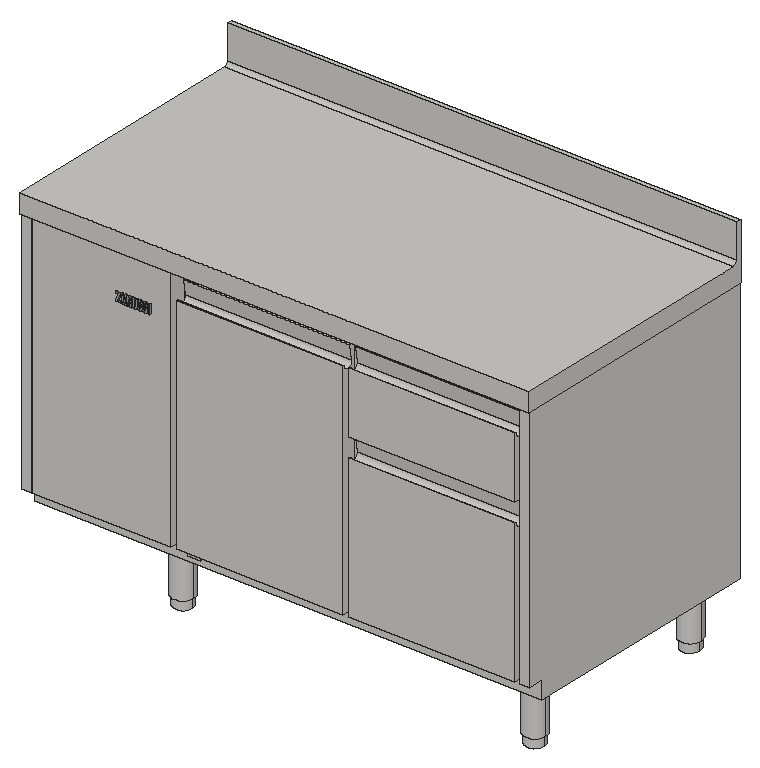
Revit family "QF_ZANUSSI_111030_ZH2H3AD", category Specialty Equipment, Revit 2018 (continued)
Definition of nested family "ZAN_Cooling Unit"
  Lines and regions (mm)
    Split face 123
      outline origin (55.016, 2, -221.122) x (0, 0, 1) y (-1, 0, 0)
        loop
          arc (510.649, 158.547) -> (506.648, 162.548) -> (502.647, 158.547) r 4.001
          line (502.647, 158.547) -> (502.647, 116.535)
          arc (502.647, 116.535) -> (506.648, 112.533) -> (510.649, 116.535) r 4.001
          line (510.649, 116.535) -> (510.649, 158.547)
    Split face 124
      outline origin (55.016, 2, -233.126) x (0, 0, 1) y (-1, 0, 0)
        loop
          arc (510.649, 158.547) -> (506.648, 162.548) -> (502.647, 158.547) r 4.001
          line (502.647, 158.547) -> (502.647, 116.535)
          arc (502.647, 116.535) -> (506.648, 112.533) -> (510.649, 116.535) r 4.001
          line (510.649, 116.535) -> (510.649, 158.547)
    Split face 125
      outline origin (55.016, 2, -245.129) x (0, 0, 1) y (-1, 0, 0)
        loop
          arc (510.649, 158.547) -> (506.648, 162.548) -> (502.647, 158.547) r 4.001
          line (502.647, 158.547) -> (502.647, 116.535)
          arc (502.647, 116.535) -> (506.648, 112.533) -> (510.649, 116.535) r 4.001
          line (510.649, 116.535) -> (510.649, 158.547)
    Split face 126
      outline origin (55.016, 2, -257.133) x (0, 0, 1) y (-1, 0, 0)
        loop
          arc (510.649, 158.547) -> (506.648, 162.548) -> (502.647, 158.547) r 4.001
          line (502.647, 158.547) -> (502.647, 116.535)
          arc (502.647, 116.535) -> (506.648, 112.533) -> (510.649, 116.535) r 4.001
          line (510.649, 116.535) -> (510.649, 158.547)
    Split face 127
      outline origin (55.016, 2, -269.136) x (0, 0, 1) y (-1, 0, 0)
        loop
          arc (510.649, 158.547) -> (506.648, 162.548) -> (502.647, 158.547) r 4.001
          line (502.647, 158.547) -> (502.647, 116.535)
          arc (502.647, 116.535) -> (506.648, 112.533) -> (510.649, 116.535) r 4.001
          line (510.649, 116.535) -> (510.649, 158.547)
    Split face 128
      outline origin (55.016, 2, -281.14) x (0, 0, 1) y (-1, 0, 0)
        loop
          arc (510.649, 158.547) -> (506.648, 162.548) -> (502.647, 158.547) r 4.001
          line (502.647, 158.547) -> (502.647, 116.535)
          arc (502.647, 116.535) -> (506.648, 112.533) -> (510.649, 116.535) r 4.001
          line (510.649, 116.535) -> (510.649, 158.547)
    Split face 129
      outline origin (55.016, 2, -293.144) x (0, 0, 1) y (-1, 0, 0)
        loop
          arc (510.649, 158.547) -> (506.648, 162.548) -> (502.647, 158.547) r 4.001
          line (502.647, 158.547) -> (502.647, 116.535)
          arc (502.647, 116.535) -> (506.648, 112.533) -> (510.649, 116.535) r 4.001
          line (510.649, 116.535) -> (510.649, 158.547)
    Split face 130
      outline origin (110.032, 2, -113.091) x (0, 0, 1) y (-1, 0, 0)
        loop
          arc (510.649, 158.547) -> (506.648, 162.548) -> (502.647, 158.547) r 4.001
          line (502.647, 158.547) -> (502.647, 116.535)
          arc (502.647, 116.535) -> (506.648, 112.533) -> (510.649, 116.535) r 4.001
          line (510.649, 116.535) -> (510.649, 158.547)
    Split face 131
      outline origin (110.032, 2, -125.094) x (0, 0, 1) y (-1, 0, 0)
        loop
          arc (510.649, 158.547) -> (506.648, 162.548) -> (502.647, 158.547) r 4.001
          line (502.647, 158.547) -> (502.647, 116.535)
          arc (502.647, 116.535) -> (506.648, 112.533) -> (510.649, 116.535) r 4.001
          line (510.649, 116.535) -> (510.649, 158.547)
    Split face 132
      outline origin (110.032, 2, -137.098) x (0, 0, 1) y (-1, 0, 0)
        loop
          arc (510.649, 158.547) -> (506.648, 162.548) -> (502.647, 158.547) r 4.001
          line (502.647, 158.547) -> (502.647, 116.535)
          arc (502.647, 116.535) -> (506.648, 112.533) -> (510.649, 116.535) r 4.001
          line (510.649, 116.535) -> (510.649, 158.547)
    Split face 133
      outline origin (110.032, 2, -149.101) x (0, 0, 1) y (-1, 0, 0)
        loop
          arc (510.649, 158.547) -> (506.648, 162.548) -> (502.647, 158.547) r 4.001
          line (502.647, 158.547) -> (502.647, 116.535)
          arc (502.647, 116.535) -> (506.648, 112.533) -> (510.649, 116.535) r 4.001
          line (510.649, 116.535) -> (510.649, 158.547)
    Split face 134
      outline origin (110.032, 2, -161.105) x (0, 0, 1) y (-1, 0, 0)
        loop
          arc (510.649, 158.547) -> (506.648, 162.548) -> (502.647, 158.547) r 4.001
          line (502.647, 158.547) -> (502.647, 116.535)
          arc (502.647, 116.535) -> (506.648, 112.533) -> (510.649, 116.535) r 4.001
          line (510.649, 116.535) -> (510.649, 158.547)
    Split face 135
      outline origin (110.032, 2, -173.108) x (0, 0, 1) y (-1, 0, 0)
        loop
          arc (510.649, 158.547) -> (506.648, 162.548) -> (502.647, 158.547) r 4.001
          line (502.647, 158.547) -> (502.647, 116.535)
          arc (502.647, 116.535) -> (506.648, 112.533) -> (510.649, 116.535) r 4.001
          line (510.649, 116.535) -> (510.649, 158.547)
    Split face 136
      outline origin (110.032, 2, -185.112) x (0, 0, 1) y (-1, 0, 0)
        loop
          arc (510.649, 158.547) -> (506.648, 162.548) -> (502.647, 158.547) r 4.001
          line (502.647, 158.547) -> (502.647, 116.535)
          arc (502.647, 116.535) -> (506.648, 112.533) -> (510.649, 116.535) r 4.001
          line (510.649, 116.535) -> (510.649, 158.547)
    Split face 137
      outline origin (110.032, 2, -197.115) x (0, 0, 1) y (-1, 0, 0)
        loop
          arc (510.649, 158.547) -> (506.648, 162.548) -> (502.647, 158.547) r 4.001
          line (502.647, 158.547) -> (502.647, 116.535)
          arc (502.647, 116.535) -> (506.648, 112.533) -> (510.649, 116.535) r 4.001
          line (510.649, 116.535) -> (510.649, 158.547)
    Split face 138
      outline origin (110.032, 2, -209.119) x (0, 0, 1) y (-1, 0, 0)
        loop
          arc (510.649, 158.547) -> (506.648, 162.548) -> (502.647, 158.547) r 4.001
          line (502.647, 158.547) -> (502.647, 116.535)
          arc (502.647, 116.535) -> (506.648, 112.533) -> (510.649, 116.535) r 4.001
          line (510.649, 116.535) -> (510.649, 158.547)
    Split face 139
      outline origin (110.032, 2, -221.122) x (0, 0, 1) y (-1, 0, 0)
        loop
          arc (510.649, 158.547) -> (506.648, 162.548) -> (502.647, 158.547) r 4.001
          line (502.647, 158.547) -> (502.647, 116.535)
          arc (502.647, 116.535) -> (506.648, 112.533) -> (510.649, 116.535) r 4.001
          line (510.649, 116.535) -> (510.649, 158.547)
    Split face 140
      outline origin (110.032, 2, -233.126) x (0, 0, 1) y (-1, 0, 0)
        loop
          arc (510.649, 158.547) -> (506.648, 162.548) -> (502.647, 158.547) r 4.001
          line (502.647, 158.547) -> (502.647, 116.535)
          arc (502.647, 116.535) -> (506.648, 112.533) -> (510.649, 116.535) r 4.001
          line (510.649, 116.535) -> (510.649, 158.547)
    Split face 141
      outline origin (110.032, 2, -245.129) x (0, 0, 1) y (-1, 0, 0)
        loop
          arc (510.649, 158.547) -> (506.648, 162.548) -> (502.647, 158.547) r 4.001
          line (502.647, 158.547) -> (502.647, 116.535)
          arc (502.647, 116.535) -> (506.648, 112.533) -> (510.649, 116.535) r 4.001
          line (510.649, 116.535) -> (510.649, 158.547)
    Split face 142
      outline origin (110.032, 2, -257.133) x (0, 0, 1) y (-1, 0, 0)
        loop
          arc (510.649, 158.547) -> (506.648, 162.548) -> (502.647, 158.547) r 4.001
          line (502.647, 158.547) -> (502.647, 116.535)
          arc (502.647, 116.535) -> (506.648, 112.533) -> (510.649, 116.535) r 4.001
          line (510.649, 116.535) -> (510.649, 158.547)
    Split face 143
      outline origin (110.032, 2, -269.136) x (0, 0, 1) y (-1, 0, 0)
        loop
          arc (510.649, 158.547) -> (506.648, 162.548) -> (502.647, 158.547) r 4.001
          line (502.647, 158.547) -> (502.647, 116.535)
          arc (502.647, 116.535) -> (506.648, 112.533) -> (510.649, 116.535) r 4.001
          line (510.649, 116.535) -> (510.649, 158.547)
    Split face 144
      outline origin (110.032, 2, -281.14) x (0, 0, 1) y (-1, 0, 0)
        loop
          arc (510.649, 158.547) -> (506.648, 162.548) -> (502.647, 158.547) r 4.001
          line (502.647, 158.547) -> (502.647, 116.535)
          arc (502.647, 116.535) -> (506.648, 112.533) -> (510.649, 116.535) r 4.001
          line (510.649, 116.535) -> (510.649, 158.547)
    Split face 145
      outline origin (110.032, 2, -293.144) x (0, 0, 1) y (-1, 0, 0)
        loop
          arc (510.649, 158.547) -> (506.648, 162.548) -> (502.647, 158.547) r 4.001
          line (502.647, 158.547) -> (502.647, 116.535)
          arc (502.647, 116.535) -> (506.648, 112.533) -> (510.649, 116.535) r 4.001
          line (510.649, 116.535) -> (510.649, 158.547)
    Split face 146
      outline origin (165.048, 2, -113.091) x (0, 0, 1) y (-1, 0, 0)
        loop
          arc (510.649, 158.547) -> (506.648, 162.548) -> (502.647, 158.547) r 4.001
          line (502.647, 158.547) -> (502.647, 116.535)
          arc (502.647, 116.535) -> (506.648, 112.533) -> (510.649, 116.535) r 4.001
          line (510.649, 116.535) -> (510.649, 158.547)
    Split face 147
      outline origin (165.048, 2, -125.094) x (0, 0, 1) y (-1, 0, 0)
        loop
          arc (510.649, 158.547) -> (506.648, 162.548) -> (502.647, 158.547) r 4.001
          line (502.647, 158.547) -> (502.647, 116.535)
          arc (502.647, 116.535) -> (506.648, 112.533) -> (510.649, 116.535) r 4.001
          line (510.649, 116.535) -> (510.649, 158.547)
    Split face 148
      outline origin (165.048, 2, -137.098) x (0, 0, 1) y (-1, 0, 0)
        loop
          arc (510.649, 158.547) -> (506.648, 162.548) -> (502.647, 158.547) r 4.001
          line (502.647, 158.547) -> (502.647, 116.535)
          arc (502.647, 116.535) -> (506.648, 112.533) -> (510.649, 116.535) r 4.001
          line (510.649, 116.535) -> (510.649, 158.547)
    Split face 149
      outline origin (165.048, 2, -149.101) x (0, 0, 1) y (-1, 0, 0)
        loop
          arc (510.649, 158.547) -> (506.648, 162.548) -> (502.647, 158.547) r 4.001
          line (502.647, 158.547) -> (502.647, 116.535)
          arc (502.647, 116.535) -> (506.648, 112.533) -> (510.649, 116.535) r 4.001
          line (510.649, 116.535) -> (510.649, 158.547)
    Split face 150
      outline origin (165.048, 2, -161.105) x (0, 0, 1) y (-1, 0, 0)
        loop
          arc (510.649, 158.547) -> (506.648, 162.548) -> (502.647, 158.547) r 4.001
          line (502.647, 158.547) -> (502.647, 116.535)
          arc (502.647, 116.535) -> (506.648, 112.533) -> (510.649, 116.535) r 4.001
          line (510.649, 116.535) -> (510.649, 158.547)
    Split face 151
      outline origin (165.048, 2, -173.108) x (0, 0, 1) y (-1, 0, 0)
        loop
          arc (510.649, 158.547) -> (506.648, 162.548) -> (502.647, 158.547) r 4.001
          line (502.647, 158.547) -> (502.647, 116.535)
          arc (502.647, 116.535) -> (506.648, 112.533) -> (510.649, 116.535) r 4.001
          line (510.649, 116.535) -> (510.649, 158.547)
    Split face 152
      outline origin (165.048, 2, -185.112) x (0, 0, 1) y (-1, 0, 0)
        loop
          arc (510.649, 158.547) -> (506.648, 162.548) -> (502.647, 158.547) r 4.001
          line (502.647, 158.547) -> (502.647, 116.535)
          arc (502.647, 116.535) -> (506.648, 112.533) -> (510.649, 116.535) r 4.001
          line (510.649, 116.535) -> (510.649, 158.547)
    Split face 153
      outline origin (165.048, 2, -197.115) x (0, 0, 1) y (-1, 0, 0)
        loop
          arc (510.649, 158.547) -> (506.648, 162.548) -> (502.647, 158.547) r 4.001
          line (502.647, 158.547) -> (502.647, 116.535)
          arc (502.647, 116.535) -> (506.648, 112.533) -> (510.649, 116.535) r 4.001
          line (510.649, 116.535) -> (510.649, 158.547)
    Split face 154
      outline origin (165.048, 2, -209.119) x (0, 0, 1) y (-1, 0, 0)
        loop
          arc (510.649, 158.547) -> (506.648, 162.548) -> (502.647, 158.547) r 4.001
          line (502.647, 158.547) -> (502.647, 116.535)
          arc (502.647, 116.535) -> (506.648, 112.533) -> (510.649, 116.535) r 4.001
          line (510.649, 116.535) -> (510.649, 158.547)
    Split face 155
      outline origin (165.048, 2, -221.122) x (0, 0, 1) y (-1, 0, 0)
        loop
          arc (510.649, 158.547) -> (506.648, 162.548) -> (502.647, 158.547) r 4.001
          line (502.647, 158.547) -> (502.647, 116.535)
          arc (502.647, 116.535) -> (506.648, 112.533) -> (510.649, 116.535) r 4.001
          line (510.649, 116.535) -> (510.649, 158.547)
    Split face 156
      outline origin (165.048, 2, -233.126) x (0, 0, 1) y (-1, 0, 0)
        loop
          arc (510.649, 158.547) -> (506.648, 162.548) -> (502.647, 158.547) r 4.001
          line (502.647, 158.547) -> (502.647, 116.535)
          arc (502.647, 116.535) -> (506.648, 112.533) -> (510.649, 116.535) r 4.001
          line (510.649, 116.535) -> (510.649, 158.547)
    Split face 157
      outline origin (165.048, 2, -245.129) x (0, 0, 1) y (-1, 0, 0)
        loop
          arc (510.649, 158.547) -> (506.648, 162.548) -> (502.647, 158.547) r 4.001
          line (502.647, 158.547) -> (502.647, 116.535)
          arc (502.647, 116.535) -> (506.648, 112.533) -> (510.649, 116.535) r 4.001
          line (510.649, 116.535) -> (510.649, 158.547)
    Split face 158
      outline origin (165.048, 2, -257.133) x (0, 0, 1) y (-1, 0, 0)
        loop
          arc (510.649, 158.547) -> (506.648, 162.548) -> (502.647, 158.547) r 4.001
          line (502.647, 158.547) -> (502.647, 116.535)
          arc (502.647, 116.535) -> (506.648, 112.533) -> (510.649, 116.535) r 4.001
          line (510.649, 116.535) -> (510.649, 158.547)
    Split face 159
      outline origin (165.048, 2, -269.136) x (0, 0, 1) y (-1, 0, 0)
        loop
          arc (510.649, 158.547) -> (506.648, 162.548) -> (502.647, 158.547) r 4.001
          line (502.647, 158.547) -> (502.647, 116.535)
          arc (502.647, 116.535) -> (506.648, 112.533) -> (510.649, 116.535) r 4.001
          line (510.649, 116.535) -> (510.649, 158.547)
    Split face 160
      outline origin (165.048, 2, -281.14) x (0, 0, 1) y (-1, 0, 0)
        loop
          arc (510.649, 158.547) -> (506.648, 162.548) -> (502.647, 158.547) r 4.001
          line (502.647, 158.547) -> (502.647, 116.535)
          arc (502.647, 116.535) -> (506.648, 112.533) -> (510.649, 116.535) r 4.001
          line (510.649, 116.535) -> (510.649, 158.547)
    Split face 161
      outline origin (165.048, 2, -293.144) x (0, 0, 1) y (-1, 0, 0)
        loop
          arc (510.649, 158.547) -> (506.648, 162.548) -> (502.647, 158.547) r 4.001
          line (502.647, 158.547) -> (502.647, 116.535)
          arc (502.647, 116.535) -> (506.648, 112.533) -> (510.649, 116.535) r 4.001
          line (510.649, 116.535) -> (510.649, 158.547)
    Split face 162
      outline origin (220.064, 2, -113.091) x (0, 0, 1) y (-1, 0, 0)
        loop
          arc (510.649, 158.547) -> (506.648, 162.548) -> (502.647, 158.547) r 4.001
          line (502.647, 158.547) -> (502.647, 116.535)
          arc (502.647, 116.535) -> (506.648, 112.533) -> (510.649, 116.535) r 4.001
          line (510.649, 116.535) -> (510.649, 158.547)
    Split face 163
      outline origin (220.064, 2, -125.094) x (0, 0, 1) y (-1, 0, 0)
        loop
          arc (510.649, 158.547) -> (506.648, 162.548) -> (502.647, 158.547) r 4.001
          line (502.647, 158.547) -> (502.647, 116.535)
          arc (502.647, 116.535) -> (506.648, 112.533) -> (510.649, 116.535) r 4.001
          line (510.649, 116.535) -> (510.649, 158.547)
    Split face 164
      outline origin (220.064, 2, -137.098) x (0, 0, 1) y (-1, 0, 0)
        loop
          arc (510.649, 158.547) -> (506.648, 162.548) -> (502.647, 158.547) r 4.001
          line (502.647, 158.547) -> (502.647, 116.535)
          arc (502.647, 116.535) -> (506.648, 112.533) -> (510.649, 116.535) r 4.001
          line (510.649, 116.535) -> (510.649, 158.547)
    Split face 165
      outline origin (220.064, 2, -149.101) x (0, 0, 1) y (-1, 0, 0)
        loop
          arc (510.649, 158.547) -> (506.648, 162.548) -> (502.647, 158.547) r 4.001
          line (502.647, 158.547) -> (502.647, 116.535)
          arc (502.647, 116.535) -> (506.648, 112.533) -> (510.649, 116.535) r 4.001
          line (510.649, 116.535) -> (510.649, 158.547)
    Split face 166
      outline origin (220.064, 2, -161.105) x (0, 0, 1) y (-1, 0, 0)
        loop
          arc (510.649, 158.547) -> (506.648, 162.548) -> (502.647, 158.547) r 4.001
          line (502.647, 158.547) -> (502.647, 116.535)
          arc (502.647, 116.535) -> (506.648, 112.533) -> (510.649, 116.535) r 4.001
          line (510.649, 116.535) -> (510.649, 158.547)
    Split face 167
      outline origin (220.064, 2, -173.108) x (0, 0, 1) y (-1, 0, 0)
        loop
          arc (510.649, 158.547) -> (506.648, 162.548) -> (502.647, 158.547) r 4.001
          line (502.647, 158.547) -> (502.647, 116.535)
          arc (502.647, 116.535) -> (506.648, 112.533) -> (510.649, 116.535) r 4.001
          line (510.649, 116.535) -> (510.649, 158.547)
    Split face 168
      outline origin (220.064, 2, -185.112) x (0, 0, 1) y (-1, 0, 0)
        loop
          arc (510.649, 158.547) -> (506.648, 162.548) -> (502.647, 158.547) r 4.001
          line (502.647, 158.547) -> (502.647, 116.535)
          arc (502.647, 116.535) -> (506.648, 112.533) -> (510.649, 116.535) r 4.001
          line (510.649, 116.535) -> (510.649, 158.547)
    Split face 169
      outline origin (220.064, 2, -197.115) x (0, 0, 1) y (-1, 0, 0)
        loop
          arc (510.649, 158.547) -> (506.648, 162.548) -> (502.647, 158.547) r 4.001
          line (502.647, 158.547) -> (502.647, 116.535)
          arc (502.647, 116.535) -> (506.648, 112.533) -> (510.649, 116.535) r 4.001
          line (510.649, 116.535) -> (510.649, 158.547)
    Split face 170
      outline origin (220.064, 2, -209.119) x (0, 0, 1) y (-1, 0, 0)
        loop
          arc (510.649, 158.547) -> (506.648, 162.548) -> (502.647, 158.547) r 4.001
          line (502.647, 158.547) -> (502.647, 116.535)
          arc (502.647, 116.535) -> (506.648, 112.533) -> (510.649, 116.535) r 4.001
          line (510.649, 116.535) -> (510.649, 158.547)
    Split face 171
      outline origin (220.064, 2, -221.122) x (0, 0, 1) y (-1, 0, 0)
        loop
          arc (510.649, 158.547) -> (506.648, 162.548) -> (502.647, 158.547) r 4.001
          line (502.647, 158.547) -> (502.647, 116.535)
          arc (502.647, 116.535) -> (506.648, 112.533) -> (510.649, 116.535) r 4.001
          line (510.649, 116.535) -> (510.649, 158.547)
    Split face 172
      outline origin (220.064, 2, -233.126) x (0, 0, 1) y (-1, 0, 0)
        loop
          arc (510.649, 158.547) -> (506.648, 162.548) -> (502.647, 158.547) r 4.001
          line (502.647, 158.547) -> (502.647, 116.535)
          arc (502.647, 116.535) -> (506.648, 112.533) -> (510.649, 116.535) r 4.001
          line (510.649, 116.535) -> (510.649, 158.547)
    Split face 173
      outline origin (220.064, 2, -245.129) x (0, 0, 1) y (-1, 0, 0)
        loop
          arc (510.649, 158.547) -> (506.648, 162.548) -> (502.647, 158.547) r 4.001
          line (502.647, 158.547) -> (502.647, 116.535)
          arc (502.647, 116.535) -> (506.648, 112.533) -> (510.649, 116.535) r 4.001
          line (510.649, 116.535) -> (510.649, 158.547)
    Split face 174
      outline origin (220.064, 2, -257.133) x (0, 0, 1) y (-1, 0, 0)
        loop
          arc (510.649, 158.547) -> (506.648, 162.548) -> (502.647, 158.547) r 4.001
          line (502.647, 158.547) -> (502.647, 116.535)
          arc (502.647, 116.535) -> (506.648, 112.533) -> (510.649, 116.535) r 4.001
          line (510.649, 116.535) -> (510.649, 158.547)
    Split face 175
      outline origin (220.064, 2, -269.136) x (0, 0, 1) y (-1, 0, 0)
        loop
          arc (510.649, 158.547) -> (506.648, 162.548) -> (502.647, 158.547) r 4.001
          line (502.647, 158.547) -> (502.647, 116.535)
          arc (502.647, 116.535) -> (506.648, 112.533) -> (510.649, 116.535) r 4.001
          line (510.649, 116.535) -> (510.649, 158.547)
    Split face 176
      outline origin (220.064, 2, -281.14) x (0, 0, 1) y (-1, 0, 0)
        loop
          arc (510.649, 158.547) -> (506.648, 162.548) -> (502.647, 158.547) r 4.001
          line (502.647, 158.547) -> (502.647, 116.535)
          arc (502.647, 116.535) -> (506.648, 112.533) -> (510.649, 116.535) r 4.001
          line (510.649, 116.535) -> (510.649, 158.547)
    Split face 177
      outline origin (220.064, 2, -293.144) x (0, 0, 1) y (-1, 0, 0)
        loop
          arc (510.649, 158.547) -> (506.648, 162.548) -> (502.647, 158.547) r 4.001
          line (502.647, 158.547) -> (502.647, 116.535)
          arc (502.647, 116.535) -> (506.648, 112.533) -> (510.649, 116.535) r 4.001
          line (510.649, 116.535) -> (510.649, 158.547)
    Split face 178
      outline origin (275.081, 2, -113.091) x (0, 0, 1) y (-1, 0, 0)
        loop
          arc (510.649, 158.547) -> (506.648, 162.548) -> (502.647, 158.547) r 4.001
          line (502.647, 158.547) -> (502.647, 116.535)
          arc (502.647, 116.535) -> (506.648, 112.533) -> (510.649, 116.535) r 4.001
          line (510.649, 116.535) -> (510.649, 158.547)
    Split face 179
      outline origin (275.081, 2, -125.094) x (0, 0, 1) y (-1, 0, 0)
        loop
          arc (510.649, 158.547) -> (506.648, 162.548) -> (502.647, 158.547) r 4.001
          line (502.647, 158.547) -> (502.647, 116.535)
          arc (502.647, 116.535) -> (506.648, 112.533) -> (510.649, 116.535) r 4.001
          line (510.649, 116.535) -> (510.649, 158.547)
    Split face 180
      outline origin (275.081, 2, -137.098) x (0, 0, 1) y (-1, 0, 0)
        loop
          arc (510.649, 158.547) -> (506.648, 162.548) -> (502.647, 158.547) r 4.001
          line (502.647, 158.547) -> (502.647, 116.535)
          arc (502.647, 116.535) -> (506.648, 112.533) -> (510.649, 116.535) r 4.001
          line (510.649, 116.535) -> (510.649, 158.547)
    Split face 181
      outline origin (275.081, 2, -149.101) x (0, 0, 1) y (-1, 0, 0)
        loop
          arc (510.649, 158.547) -> (506.648, 162.548) -> (502.647, 158.547) r 4.001
          line (502.647, 158.547) -> (502.647, 116.535)
          arc (502.647, 116.535) -> (506.648, 112.533) -> (510.649, 116.535) r 4.001
          line (510.649, 116.535) -> (510.649, 158.547)
    Split face 182
      outline origin (275.081, 2, -161.105) x (0, 0, 1) y (-1, 0, 0)
        loop
          arc (510.649, 158.547) -> (506.648, 162.548) -> (502.647, 158.547) r 4.001
          line (502.647, 158.547) -> (502.647, 116.535)
          arc (502.647, 116.535) -> (506.648, 112.533) -> (510.649, 116.535) r 4.001
          line (510.649, 116.535) -> (510.649, 158.547)
    Split face 183
      outline origin (275.081, 2, -173.108) x (0, 0, 1) y (-1, 0, 0)
        loop
          arc (510.649, 158.547) -> (506.648, 162.548) -> (502.647, 158.547) r 4.001
          line (502.647, 158.547) -> (502.647, 116.535)
          arc (502.647, 116.535) -> (506.648, 112.533) -> (510.649, 116.535) r 4.001
          line (510.649, 116.535) -> (510.649, 158.547)
    Split face 184
      outline origin (275.081, 2, -185.112) x (0, 0, 1) y (-1, 0, 0)
        loop
          arc (510.649, 158.547) -> (506.648, 162.548) -> (502.647, 158.547) r 4.001
          line (502.647, 158.547) -> (502.647, 116.535)
          arc (502.647, 116.535) -> (506.648, 112.533) -> (510.649, 116.535) r 4.001
          line (510.649, 116.535) -> (510.649, 158.547)
    Split face 185
      outline origin (275.081, 2, -197.115) x (0, 0, 1) y (-1, 0, 0)
        loop
          arc (510.649, 158.547) -> (506.648, 162.548) -> (502.647, 158.547) r 4.001
          line (502.647, 158.547) -> (502.647, 116.535)
          arc (502.647, 116.535) -> (506.648, 112.533) -> (510.649, 116.535) r 4.001
          line (510.649, 116.535) -> (510.649, 158.547)
    Split face 186
      outline origin (275.081, 2, -209.119) x (0, 0, 1) y (-1, 0, 0)
        loop
          arc (510.649, 158.547) -> (506.648, 162.548) -> (502.647, 158.547) r 4.001
          line (502.647, 158.547) -> (502.647, 116.535)
          arc (502.647, 116.535) -> (506.648, 112.533) -> (510.649, 116.535) r 4.001
          line (510.649, 116.535) -> (510.649, 158.547)
    Split face 187
      outline origin (275.081, 2, -221.122) x (0, 0, 1) y (-1, 0, 0)
        loop
          arc (510.649, 158.547) -> (506.648, 162.548) -> (502.647, 158.547) r 4.001
          line (502.647, 158.547) -> (502.647, 116.535)
          arc (502.647, 116.535) -> (506.648, 112.533) -> (510.649, 116.535) r 4.001
          line (510.649, 116.535) -> (510.649, 158.547)
    Split face 188
      outline origin (275.081, 2, -233.126) x (0, 0, 1) y (-1, 0, 0)
        loop
          arc (510.649, 158.547) -> (506.648, 162.548) -> (502.647, 158.547) r 4.001
          line (502.647, 158.547) -> (502.647, 116.535)
          arc (502.647, 116.535) -> (506.648, 112.533) -> (510.649, 116.535) r 4.001
          line (510.649, 116.535) -> (510.649, 158.547)
    Split face 189
      outline origin (275.081, 2, -245.129) x (0, 0, 1) y (-1, 0, 0)
        loop
          arc (510.649, 158.547) -> (506.648, 162.548) -> (502.647, 158.547) r 4.001
          line (502.647, 158.547) -> (502.647, 116.535)
          arc (502.647, 116.535) -> (506.648, 112.533) -> (510.649, 116.535) r 4.001
          line (510.649, 116.535) -> (510.649, 158.547)
    Split face 190
      outline origin (275.081, 2, -257.133) x (0, 0, 1) y (-1, 0, 0)
        loop
          arc (510.649, 158.547) -> (506.648, 162.548) -> (502.647, 158.547) r 4.001
          line (502.647, 158.547) -> (502.647, 116.535)
          arc (502.647, 116.535) -> (506.648, 112.533) -> (510.649, 116.535) r 4.001
          line (510.649, 116.535) -> (510.649, 158.547)
    Split face 191
      outline origin (275.081, 2, -269.136) x (0, 0, 1) y (-1, 0, 0)
        loop
          arc (510.649, 158.547) -> (506.648, 162.548) -> (502.647, 158.547) r 4.001
          line (502.647, 158.547) -> (502.647, 116.535)
          arc (502.647, 116.535) -> (506.648, 112.533) -> (510.649, 116.535) r 4.001
          line (510.649, 116.535) -> (510.649, 158.547)
    Split face 192
      outline origin (275.081, 2, -281.14) x (0, 0, 1) y (-1, 0, 0)
        loop
          arc (510.649, 158.547) -> (506.648, 162.548) -> (502.647, 158.547) r 4.001
          line (502.647, 158.547) -> (502.647, 116.535)
          arc (502.647, 116.535) -> (506.648, 112.533) -> (510.649, 116.535) r 4.001
          line (510.649, 116.535) -> (510.649, 158.547)
    Split face 193
      outline origin (275.081, 2, -293.144) x (0, 0, 1) y (-1, 0, 0)
        loop
          arc (510.649, 158.547) -> (506.648, 162.548) -> (502.647, 158.547) r 4.001
          line (502.647, 158.547) -> (502.647, 116.535)
          arc (502.647, 116.535) -> (506.648, 112.533) -> (510.649, 116.535) r 4.001
          line (510.649, 116.535) -> (510.649, 158.547)
    Split face 194
      outline origin (0, 2, 197) x (0, 0, 1) y (-1, 0, 0)
        loop
          spline (566.835, 20.381) -> (564.628, 19.058) -> (561.987, 18.027) -> (558.955, 17.386) -> (555.581, 17.244) -> (551.912, 17.703) -> (547.993, 18.863) -> (543.871, 20.83) -> (539.591, 23.706) -> (535.202, 27.594) -> (530.748, 32.597) -> (526.28, 38.824) -> (521.835, 46.362)
        loop
          spline (521.835, 58.392) -> (525.386, 49.242) -> (529.197, 41.481) -> (533.2, 35.023) -> (537.329, 29.786) -> (541.516, 25.684) -> (545.695, 22.634) -> (549.798, 20.552) -> (553.759, 19.355) -> (557.511, 18.958) -> (560.984, 19.275) -> (564.115, 20.227) -> (566.835, 21.726)
    Split face 195
      outline origin (0, 2, 197) x (0, 0, 1) y (-1, 0, 0)
        loop
          line (555.835, 149.5) -> (532.835, 149.5) -> (532.835, 94.5) -> (555.835, 94.5) -> (555.835, 149.5)
  Dimensions and locks
    aligned and locked: level to plane 2
  Nested families
    nested 1: "ZAN_Logo_S_Grey" at (85, 2, 741.213) x (1, 0, 0) z (0, -1, 0), visible <- "Show Logo", type "ZAN_Logo_S_Grey"
  Definition of nested family "ZAN_Logo_S_Grey"
    Parameters
      Default Elevation = 0 mm
    Reference planes
      plane 1 "Centro (Fronte/Retro)": y = 0
      plane 2: z = 0
      plane 3 "Centro (Sinistra/Destra)": x = 0
    Forms (mm)
      Extrusion 1, solid
        sketch origin (0, 0, 0) x (1, 0, 0) y (0, 1, 0)
          loop
            line (-1219.2, 1219.2) -> (-1219.2, -1219.2) -> (1219.2, -1219.2) -> (1219.2, 1219.2) -> (-1219.2, 1219.2)
        from 0 to -304.8
      Extrusion 2, solid
        sketch origin (17.793, -46.218, 0) x (-1, 0, 0) y (0, -1, 0)
          loop
            spline (-4.176, -58.079) -> (-3.496, -58.328) -> (-2.793, -58.512) -> (-2.075, -58.63) -> (-1.348, -58.682) -> (-0.619, -58.669) -> (0.106, -58.588) -> (0.818, -58.44) -> (1.512, -58.225) -> (2.18, -57.941) -> (2.817, -57.589) -> (3.414, -57.167) -> (3.966, -56.676)
            spline (3.966, -56.676) -> (4.293, -56.162) -> (4.575, -55.61) -> (4.81, -55.026) -> (5, -54.419) -> (5.146, -53.797) -> (5.247, -53.166) -> (5.304, -52.536) -> (5.318, -51.913) -> (5.288, -51.306) -> (5.217, -50.723) -> (5.103, -50.17) -> (4.949, -49.657)
            line (4.949, -49.657) -> (2.702, -46.428) -> (0.316, -44.323)
            spline (0.316, -44.323) -> (0.065, -44.115) -> (-0.195, -43.909) -> (-0.46, -43.704) -> (-0.729, -43.496) -> (-0.997, -43.282) -> (-1.263, -43.059) -> (-1.523, -42.825) -> (-1.774, -42.576) -> (-2.013, -42.309) -> (-2.238, -42.022) -> (-2.445, -41.712) -> (-2.632, -41.375)
            spline (-2.632, -41.375) -> (-2.666, -41.159) -> (-2.697, -40.934) -> (-2.722, -40.701) -> (-2.736, -40.465) -> (-2.736, -40.227) -> (-2.72, -39.989) -> (-2.682, -39.754) -> (-2.621, -39.524) -> (-2.533, -39.302) -> (-2.414, -39.091) -> (-2.261, -38.892) -> (-2.07, -38.708)
            line (-2.07, -38.708) -> (-0.245, -38.567)
            spline (-0.245, -38.567) -> (0.096, -38.8) -> (0.354, -39.074) -> (0.54, -39.381) -> (0.664, -39.716) -> (0.738, -40.073) -> (0.772, -40.445) -> (0.777, -40.825) -> (0.763, -41.208) -> (0.742, -41.588) -> (0.723, -41.957) -> (0.718, -42.309) -> (0.737, -42.638)
            line (0.737, -42.638) -> (5.65, -42.638)
            spline (5.65, -42.638) -> (5.708, -42.042) -> (5.741, -41.448) -> (5.747, -40.857) -> (5.723, -40.273) -> (5.668, -39.696) -> (5.58, -39.129) -> (5.457, -38.574) -> (5.297, -38.032) -> (5.098, -37.506) -> (4.857, -36.997) -> (4.574, -36.508) -> (4.247, -36.041)
            spline (4.247, -36.041) -> (3.844, -35.675) -> (3.409, -35.35) -> (2.946, -35.065) -> (2.458, -34.819) -> (1.949, -34.612) -> (1.421, -34.444) -> (0.88, -34.314) -> (0.326, -34.221) -> (-0.234, -34.165) -> (-0.8, -34.146) -> (-1.366, -34.163) -> (-1.93, -34.216)
            spline (-1.93, -34.216) -> (-2.526, -34.309) -> (-3.116, -34.448) -> (-3.695, -34.633) -> (-4.259, -34.861) -> (-4.801, -35.131) -> (-5.316, -35.444) -> (-5.799, -35.798) -> (-6.245, -36.191) -> (-6.648, -36.624) -> (-7.002, -37.095) -> (-7.303, -37.603) -> (-7.545, -38.146)
            spline (-7.545, -38.146) -> (-7.694, -38.815) -> (-7.792, -39.487) -> (-7.839, -40.158) -> (-7.836, -40.824) -> (-7.785, -41.482) -> (-7.685, -42.129) -> (-7.539, -42.762) -> (-7.347, -43.377) -> (-7.111, -43.97) -> (-6.83, -44.538) -> (-6.506, -45.078) -> (-6.141, -45.586)
            line (-6.141, -45.586) -> (-0.526, -50.64) -> (0.176, -51.482)
            spline (0.176, -51.482) -> (0.248, -51.66) -> (0.323, -51.843) -> (0.397, -52.03) -> (0.467, -52.22) -> (0.529, -52.412) -> (0.579, -52.605) -> (0.615, -52.798) -> (0.633, -52.989) -> (0.63, -53.179) -> (0.601, -53.366) -> (0.545, -53.55) -> (0.456, -53.728)
            spline (0.456, -53.728) -> (0.375, -53.892) -> (0.273, -54.034) -> (0.154, -54.155) -> (0.02, -54.258) -> (-0.126, -54.343) -> (-0.28, -54.412) -> (-0.441, -54.466) -> (-0.604, -54.508) -> (-0.767, -54.537) -> (-0.928, -54.556) -> (-1.082, -54.567) -> (-1.228, -54.57)
            line (-1.228, -54.57) -> (-2.632, -53.587) -> (-2.772, -50.64) -> (-7.405, -50.64)
            spline (-7.405, -50.64) -> (-7.41, -51.031) -> (-7.423, -51.432) -> (-7.44, -51.839) -> (-7.456, -52.251) -> (-7.469, -52.665) -> (-7.475, -53.079) -> (-7.468, -53.489) -> (-7.446, -53.894) -> (-7.404, -54.291) -> (-7.339, -54.679) -> (-7.247, -55.053) -> (-7.123, -55.412)
            spline (-7.123, -55.412) -> (-6.999, -55.693) -> (-6.837, -55.97) -> (-6.643, -56.244) -> (-6.422, -56.509) -> (-6.177, -56.765) -> (-5.913, -57.009) -> (-5.634, -57.238) -> (-5.346, -57.45) -> (-5.051, -57.643) -> (-4.755, -57.814) -> (-4.462, -57.96) -> (-4.176, -58.079)
          loop
            spline (-21.021, -55.552) -> (-20.633, -56.181) -> (-20.177, -56.736) -> (-19.661, -57.217) -> (-19.092, -57.627) -> (-18.478, -57.966) -> (-17.827, -58.237) -> (-17.147, -58.441) -> (-16.446, -58.578) -> (-15.73, -58.652) -> (-15.009, -58.662) -> (-14.29, -58.611) -> (-13.581, -58.5)
            spline (-13.581, -58.5) -> (-13.088, -58.407) -> (-12.595, -58.269) -> (-12.109, -58.088) -> (-11.636, -57.866) -> (-11.183, -57.605) -> (-10.756, -57.307) -> (-10.361, -56.974) -> (-10.004, -56.608) -> (-9.692, -56.211) -> (-9.431, -55.784) -> (-9.228, -55.33) -> (-9.089, -54.851)
            spline (-9.089, -54.851) -> (-8.873, -54.211) -> (-8.715, -53.559) -> (-8.615, -52.901) -> (-8.574, -52.241) -> (-8.592, -51.585) -> (-8.668, -50.938) -> (-8.802, -50.306) -> (-8.995, -49.693) -> (-9.247, -49.106) -> (-9.557, -48.55) -> (-9.925, -48.03) -> (-10.352, -47.551)
            line (-10.352, -47.551) -> (-15.546, -42.919) -> (-16.669, -41.234)
            spline (-16.669, -41.234) -> (-16.704, -41.021) -> (-16.735, -40.804) -> (-16.761, -40.583) -> (-16.778, -40.361) -> (-16.784, -40.139) -> (-16.774, -39.919) -> (-16.748, -39.701) -> (-16.7, -39.488) -> (-16.63, -39.28) -> (-16.533, -39.08) -> (-16.406, -38.889) -> (-16.248, -38.708)
            line (-16.248, -38.708) -> (-14.844, -38.427)
            spline (-14.844, -38.427) -> (-14.347, -38.545) -> (-13.969, -38.749) -> (-13.695, -39.028) -> (-13.508, -39.368) -> (-13.393, -39.757) -> (-13.335, -40.182) -> (-13.318, -40.63) -> (-13.326, -41.089) -> (-13.344, -41.546) -> (-13.356, -41.988) -> (-13.347, -42.403) -> (-13.3, -42.779)
            line (-13.3, -42.779) -> (-8.387, -42.638)
            spline (-8.387, -42.638) -> (-8.326, -42.034) -> (-8.288, -41.417) -> (-8.277, -40.794) -> (-8.299, -40.169) -> (-8.357, -39.548) -> (-8.457, -38.936) -> (-8.604, -38.339) -> (-8.803, -37.762) -> (-9.058, -37.21) -> (-9.375, -36.689) -> (-9.758, -36.204) -> (-10.212, -35.76)
            spline (-10.212, -35.76) -> (-10.793, -35.336) -> (-11.409, -34.976) -> (-12.054, -34.679) -> (-12.723, -34.445) -> (-13.409, -34.273) -> (-14.107, -34.163) -> (-14.811, -34.115) -> (-15.515, -34.127) -> (-16.213, -34.2) -> (-16.899, -34.333) -> (-17.568, -34.526) -> (-18.213, -34.777)
            spline (-18.213, -34.777) -> (-18.496, -34.897) -> (-18.783, -35.044) -> (-19.071, -35.216) -> (-19.357, -35.412) -> (-19.639, -35.629) -> (-19.915, -35.865) -> (-20.182, -36.119) -> (-20.438, -36.389) -> (-20.681, -36.672) -> (-20.907, -36.967) -> (-21.115, -37.272) -> (-21.301, -37.585)
            spline (-21.301, -37.585) -> (-21.55, -38.26) -> (-21.734, -38.948) -> (-21.854, -39.647) -> (-21.91, -40.351) -> (-21.901, -41.057) -> (-21.828, -41.761) -> (-21.69, -42.459) -> (-21.489, -43.148) -> (-21.222, -43.823) -> (-20.892, -44.48) -> (-20.497, -45.116) -> (-20.038, -45.726)
            line (-20.038, -45.726) -> (-14.142, -51.061) -> (-13.44, -52.886) -> (-14.002, -54.289) -> (-15.265, -54.57) -> (-16.669, -53.587) -> (-16.81, -50.78) -> (-21.582, -50.64)
            spline (-21.582, -50.64) -> (-21.558, -51.063) -> (-21.55, -51.491) -> (-21.554, -51.92) -> (-21.561, -52.35) -> (-21.567, -52.778) -> (-21.565, -53.201) -> (-21.547, -53.619) -> (-21.509, -54.029) -> (-21.444, -54.43) -> (-21.345, -54.818) -> (-21.206, -55.193) -> (-21.021, -55.552)
          loop
            line (-22.424, -34.216) -> (-27.337, -34.216) -> (-27.337, -58.22) -> (-22.424, -58.22) -> (-22.424, -34.216)
          loop
            line (14.213, -39.971) -> (14.213, -58.22) -> (19.126, -58.22) -> (19.126, -42.077) -> (18.845, -38.146) -> (18.424, -37.164) -> (17.442, -35.9) -> (16.459, -35.199) -> (14.494, -34.356) -> (13.511, -34.216) -> (11.265, -34.216) -> (10.142, -34.497) -> (8.458, -35.479) -> (6.493, -38.287) -> (6.352, -39.269) -> (6.352, -58.22) -> (11.265, -58.22) -> (11.265, -40.392) -> (11.827, -39.129) -> (13.371, -38.988) -> (14.213, -39.971)
          loop
            line (20.249, -58.22) -> (24.741, -58.22) -> (24.741, -42.919) -> (28.812, -58.22) -> (34.006, -58.22) -> (34.006, -34.216) -> (29.654, -34.216) -> (29.654, -50.078) -> (25.583, -34.216) -> (20.249, -34.216) -> (20.249, -58.22)
          loop
            line (50.149, -58.22) -> (62.361, -58.22) -> (62.361, -53.728) -> (55.904, -53.868) -> (62.923, -39.129) -> (62.923, -34.216) -> (50.149, -34.216) -> (50.149, -39.129) -> (57.517, -39.129) -> (50.149, -54.149) -> (50.149, -58.22)
          loop
            line (38.778, -58.22) -> (45.516, -58.22) -> (49.868, -34.216) -> (44.814, -34.216) -> (44.113, -38.848) -> (40.042, -38.848) -> (39.34, -34.216) -> (34.286, -34.216) -> (38.778, -58.22)
          loop
            line (43.551, -43.2) -> (40.744, -43.2) -> (42.147, -54.117) -> (43.551, -43.2)
        from 0 to 1.644
    Dimensions and locks
      aligned and locked: plane 2 to Extrusion 1
      aligned and locked: level to Extrusion 1
Definition of nested family "Refrigerator"
  Reference planes
    plane 1 "Center (Front/Back)": y = 0
    plane 2: z = 0
    plane 3 "Center (Left/Right)": x = 0
  Lines and regions (mm)
    detail lines, in view "Ref. Level"
      curve 1: spline (-500, 190, 0) -> (-493.185, 166.706, 0) -> (-473.205, 145, 0) -> (-441.421, 126.36, 0) -> (-400, 112.058, 0) -> (-351.764, 103.067, 0) -> (-300, 100, 0) -> (-248.236, 103.067, 0) -> (-200, 112.058, 0) -> (-158.579, 126.36, 0) -> (-126.795, 145, 0) -> (-106.815, 166.706, 0) -> (-100, 190, 0) -> (-106.815, 213.294, 0) -> (-126.795, 235, 0) -> (-158.579, 253.64, 0) -> (-200, 267.942, 0) -> (-248.236, 276.933, 0) -> (-300, 280, 0) -> (-351.764, 276.933, 0) -> (-400, 267.942, 0) -> (-441.421, 253.64, 0) -> (-473.205, 235, 0) -> (-493.185, 213.294, 0) -> (-500, 190, 0)
      curve 2: line (-300, 130, 0) -> (-300, 250, 0)
      curve 3: line (-351.962, 220, 0) -> (-248.038, 160, 0)
      curve 4: line (-351.962, 160, 0) -> (-248.038, 220, 0)
      curve 5: line (-280.884, 246.873, 0) -> (-300, 225, 0)
      curve 6: line (-300, 225, 0) -> (-319.116, 246.873, 0)
      curve 7: line (-330.311, 207.5, 0) -> (-339.696, 234.992, 0)
      curve 8: line (-358.812, 201.882, 0) -> (-330.311, 207.5, 0)
      curve 9: line (-330.311, 172.5, 0) -> (-358.812, 178.118, 0)
      curve 10: line (-339.696, 145.008, 0) -> (-330.311, 172.5, 0)
      curve 11: line (-300, 155, 0) -> (-319.116, 133.127, 0)
      curve 12: line (-280.884, 133.127, 0) -> (-300, 155, 0)
      curve 13: line (-269.689, 172.5, 0) -> (-260.304, 145.008, 0)
      curve 14: line (-241.188, 178.118, 0) -> (-269.689, 172.5, 0)
      curve 15: line (-269.689, 207.5, 0) -> (-241.188, 201.882, 0)
      curve 16: line (-260.304, 234.992, 0) -> (-269.689, 207.5, 0)
